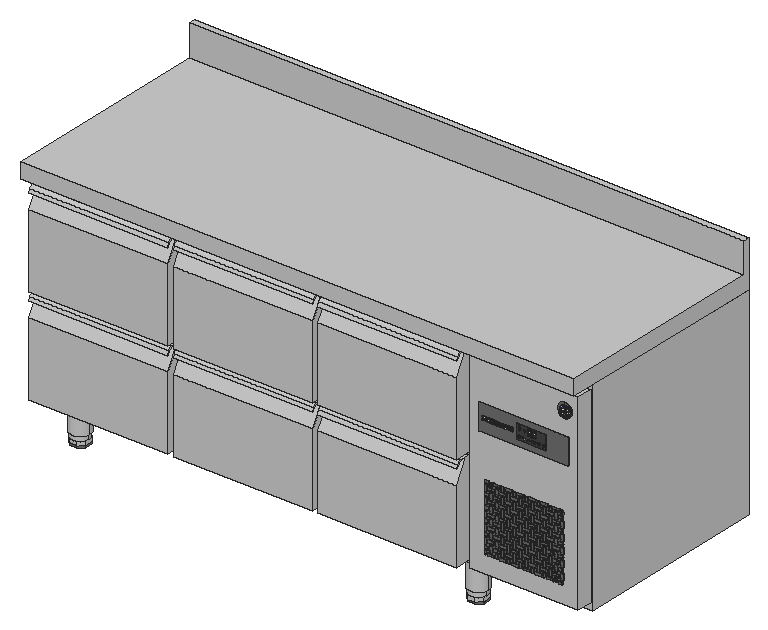
Revit family "QF_HOSHIZAKI_889020834", category Specialty Equipment, Revit 2016
Family settings
  Part Type = Normal
  Round Connector Dimension = Use Diameter
  OmniClass Number = 23.40.40.14
  OmniClass Title = Food Service Equipment
  Work Plane-Based = No
  Always vertical = Yes
  Cut with Voids When Loaded = No
  Shared = No
  Room Calculation Point = No
Parameters (values of type "889020834_230V/1Ph/50Hz")
  Weight = 128.00 kg
  Volts = 230 V
  URL Cutsheet = ""
  URL = "www.hoshizaki-europe.com"
  Status [instance] = ""
  Specification by User [instance] = ""
  Specification by Manufacturer [instance] = ""
  Serial Number = ""
  Seismic Rating = ""
  SMACNA No = ""
  Revision Code [instance] = ""
  Phase = 1
  Number of Poles = 2
  NAFEM Spec ID Number = ""
  Model = "ACR-180DG-222-CRS-L2"
  Min Ckt Ampacity = 0 A
  Max Overcurrent Protection = 0 A
  Masterspec = ""
  Manufacturer = "HOSHIZAKI"
  Length Actual = 1780 mm
  Item Number [instance] = ""
  Installed By [instance] = ""
  Identify Quantity as Lot [instance] = no
  Height Actual = 900 mm
  HP power = ""
  Furnished By [instance] = ""
  Foodservice Equipment Identifier [instance] = yes
  FL Amps = 1.3 A
  Electric power = 190 W
  Electric Connection Type [instance] = ""
  Elec Conn RI Height [instance] = 0 mm
  Elec Conn Connection Height [instance] = 300 mm
  Description = "ADVANCE 3-SECTION 1/1 GN REFRIGERATED COUNTER WITH 3 DRAWER SECTIONS EACH WITH 2 X 1/2 DRAWERS AND A WORKTOP WITH 100 MM SPLASHBACK"
  Depth Actual = 700 mm
  Cycle = 50 Hz
  Cost = 0
  Conn Plug = ""
  Conn Conduit = no
  CSI MasterFormat = ""
  Assembly Code = "E1090320"
  Apparent Power = 190 VA
  Accessory = no
Reference planes
  plane 1 "Center (Front/Back)": y = 0
  plane 2: z = 0
  plane 3 "Center (Left/Right)": x = 0
Forms (mm)
  Extrusion 1, solid, not visible
    sketch origin (1499, -17, 449) x (1, 0, 0) y (0, 1, 0)
      loop
        line (0, 0) -> (2, 0) -> (2, 2) -> (0, 2) -> (0, 0)
    from 0 to 2
Dimensions and locks
  aligned and locked: level to plane 2
Nested families
  nested 1: "QF_HOSHIZAKI_889020834_230V_1Ph_50Hz" at (0, 0, 150), type "889020834_230V/1Ph/50Hz"
    with Show Logo yes, Length Actual 1780 mm, Height Actual 650 mm, Depth Actual 700 mm, Compressor offset 1424 mm, Compressor location 1
  nested 2: "QF_HOSHIZAKI_ADVANCE_REF-COUNTER-WORKTOPS" at (0, 0, 800), type "760660002-1"
    with Worktop thickness 50 mm, Length Actual 1780 mm, Depth Actual 700 mm, Backsplash thickness 20 mm, Backsplash height 100 mm
  nested 3: "QF_HOSHIZAKI_ADVANCE_REF-COUNTER-DOORS-DRAWERS" at (22, -700, 150), type "760660483-1"
    with Weight 0.00 kg, URL Cutsheet "", Status "", Specification by User "", Specification by Manufacturer "", Serial Number "", Seismic Rating "", Section size 446 mm, Section 3, SMACNA No "", Right hand hinged glass door no, Right hand hinged door no, Revision Code "", NAFEM Spec ID Number "", Masterspec "", Length Actual 0 mm, Left hand hinged glass door no, Left hand hinged door no, Item Number "", Installed By "", Identify Quantity as Lot no, Height Actual 0 mm, Furnished By "", Foodservice Equipment Identifier no, Depth Actual 0 mm, CSI MasterFormat "", Accessory yes, 3 Drawers no, 2 Drawers 1-3 and 2-3 no, 2 Drawers yes
  nested 4: "QF_HOSHIZAKI_ADVANCE_REF-COUNTER-DOORS-DRAWERS" at (488, -700, 150), type "760660483-1"
    with Weight 0.00 kg, URL Cutsheet "", Status "", Specification by User "", Specification by Manufacturer "", Serial Number "", Seismic Rating "", Section size 446 mm, Section 3, SMACNA No "", Right hand hinged glass door no, Right hand hinged door no, Revision Code "", NAFEM Spec ID Number "", Masterspec "", Length Actual 0 mm, Left hand hinged glass door no, Left hand hinged door no, Item Number "", Installed By "", Identify Quantity as Lot no, Height Actual 0 mm, Furnished By "", Foodservice Equipment Identifier no, Depth Actual 0 mm, CSI MasterFormat "", Accessory yes, 3 Drawers no, 2 Drawers 1-3 and 2-3 no, 2 Drawers yes
  nested 5: "QF_HOSHIZAKI_ADVANCE_REF-COUNTER-DOORS-DRAWERS" at (952, -700, 150), type "760660483-1"
    with Weight 0.00 kg, URL Cutsheet "", Status "", Specification by User "", Specification by Manufacturer "", Serial Number "", Seismic Rating "", Section size 446 mm, Section 3, SMACNA No "", Right hand hinged glass door no, Right hand hinged door no, Revision Code "", NAFEM Spec ID Number "", Masterspec "", Length Actual 0 mm, Left hand hinged glass door no, Left hand hinged door no, Item Number "", Installed By "", Identify Quantity as Lot no, Height Actual 0 mm, Furnished By "", Foodservice Equipment Identifier no, Depth Actual 0 mm, CSI MasterFormat "", Accessory yes, 3 Drawers no, 2 Drawers 1-3 and 2-3 no, 2 Drawers yes
  nested 6: "QF_HOSHIZAKI_ADVANCE_REF-COUNTER-LEGS" at (0, 0, 0), type "760660118-6"
    with Weight 0.00 kg, URL Cutsheet "", Status "", Specification by User "", Specification by Manufacturer "", Serial Number "", Seismic Rating "", SMACNA No "", Revision Code "", NAFEM Spec ID Number "", Masterspec "", Length Actual 1780 mm, Legs inset right 430 mm, Legs inset rear 70 mm, Legs inset left 70 mm, Legs inset front 153 mm, Item Number "", Installed By "", Identify Quantity as Lot no, Height Actual 150 mm, Furnished By "", Foodservice Equipment Identifier no, Depth Actual 700 mm, Central Legs no, CSI MasterFormat "", Accessory yes
Connectors
  electrical at (1500, -15, 450), driven by "Apparent Power", driven by "Number of Poles", driven by "Volts"
    settings: on Extrusion 1, index 1, voltage 230 V, apparent load 0 VA, apparent load phase1 190 VA, apparent load phase2 0 VA, apparent load phase3 0 VA, power factor 1, load classification "Other", number of poles 2, system type 31, power factor state 1, is connector primary yes, connector utility no, sub classification motor no, connector description "Electric connection for '889020834'"
Definition of nested family "QF_HOSHIZAKI_889020834_230V_1Ph_50Hz"
  Parameters (values of type "889020834_230V/1Ph/50Hz")
    URL = "www.hoshizaki-europe.com"
    Show Logo [instance] = yes
    Model = "ACR-180DG-222-CRS-L2"
    Manufacturer = "HOSHIZAKI"
    Length Actual [instance] = 1780 mm
    Height Actual [instance] = 650 mm
    Description = "ADVANCE 3-SECTION 1/1 GN REFRIGERATED COUNTER WITH 3 DRAWER SECTIONS EACH WITH 2 X 1/2 DRAWERS AND A WORKTOP WITH 100 MM SPLASHBACK"
    Depth Actual [instance] = 700 mm
    Compressor offset [instance] = if(Compressor location = 1, Length Actual - 356 mm, if(Compressor location = 2, 7 mm, Length Actual - 356 mm))  # 1424 mm
    Compressor location [instance] = 1
    Author = "SPECIFI"
    Assembly Code = "E1090320"
  Types (60, lengths in mm): name | Model | Length Actual | Description | Compressor offset
    889000840 | "ACR-130DG-LR-RRC-L1" | 1314 | "ADVANCE 2-SECTION 1/1 GN REFRIGERATED COUNTER WITH 2 DOORS AND A FLAT WORKTOP" | 958
    889000848 | "ACR-130DG-22-RRC-L1" | 1314 | "ADVANCE 2-SECTION 1/1 GN REFRIGERATED COUNTER WITH 2 DRAWER SECTIONS EACH WITH 2 X 1/2 DRAWERS AND A FLAT WORKTOP" | 958
    889000856 | "ACR-130DG-32-RRC-L1" | 1314 | "ADVANCE 2-SECTION 1/1 GN REFRIGERATED COUNTER WITH 1 DRAWER SECTION WITH 3 X 1/3 DRAWERS, 1 DRAWER SECTION WITH 2 X 1/2 DRAWERS AND A FLAT WORKTOP" | 958
    889000844 | "ACR-130DG-LR-RRS-L1" | 1314 | "ADVANCE 2-SECTION 1/1 GN REFRIGERATED COUNTER WITH 2 DOORS AND A WORKTOP WITH 100 MM SPLASHBACK" | 958
    889000852 | "ACR-130DG-22-RRS-L1" | 1314 | "ADVANCE 2-SECTION 1/1 GN REFRIGERATED COUNTER WITH 2 DRAWER SECTIONS EACH WITH 2 X 1/2 DRAWERS AND A WORKTOP WITH 100 MM SPLASHBACK" | 958
    889000861 | "ACR-130DG-LR-RRC-C1-U" | 1314 | "ADVANCE 2-SECTION 1/1 GN REFRIGERATED COUNTER WITH 2 DOORS AND A FLAT WORKTOP" | 958
    889000869 | "ACR-130DG-22-RRC-C1-U" | 1314 | "ADVANCE 2-SECTION 1/1 GN REFRIGERATED COUNTER WITH 2 DRAWER SECTIONS EACH WITH 2 X 1/2 DRAWERS AND A FLAT WORKTOP" | 958
    889000877 | "ACR-130DG-32-RRC-C1-U" | 1314 | "ADVANCE 2-SECTION 1/1 GN REFRIGERATED COUNTER WITH 1 DRAWER SECTION WITH 3 X 1/3 DRAWERS, 1 DRAWER SECTION WITH 2 X 1/2 DRAWERS AND A FLAT WORKTOP" | 958
    889000865 | "ACR-130DG-LR-RRS-C1-U" | 1314 | "ADVANCE 2-SECTION 1/1 GN REFRIGERATED COUNTER WITH 2 DOORS AND A WORKTOP WITH 100 MM SPLASHBACK" | 958
    889000873 | "ACR-130DG-22-RRS-C1-U" | 1314 | "ADVANCE 2-SECTION 1/1 GN REFRIGERATED COUNTER WITH 2 DRAWER SECTIONS EACH WITH 2 X 1/2 DRAWERS AND A WORKTOP WITH 100 MM SPLASHBACK" | 958
    889000842 | "ACR-130DG-LR-RRC-L2" | 1314 | "ADVANCE 2-SECTION 1/1 GN REFRIGERATED COUNTER WITH 2 DOORS AND A FLAT WORKTOP" | 958
    889000850 | "ACR-130DG-22-RRC-L2" | 1314 | "ADVANCE 2-SECTION 1/1 GN REFRIGERATED COUNTER WITH 2 DRAWER SECTIONS EACH WITH 2 X 1/2 DRAWERS AND A FLAT WORKTOP" | 958
    889000858 | "ACR-130DG-32-RRC-L2" | 1314 | "ADVANCE 2-SECTION 1/1 GN REFRIGERATED COUNTER WITH 1 DRAWER SECTION WITH 3 X 1/3 DRAWERS, 1 DRAWER SECTION WITH 2 X 1/2 DRAWERS AND A FLAT WORKTOP" | 958
    889000846 | "ACR-130DG-LR-RRS-L2" | 1314 | "ADVANCE 2-SECTION 1/1 GN REFRIGERATED COUNTER WITH 2 DOORS AND A WORKTOP WITH 100 MM SPLASHBACK" | 958
    889000854 | "ACR-130DG-22-RRS-L2" | 1314 | "ADVANCE 2-SECTION 1/1 GN REFRIGERATED COUNTER WITH 2 DRAWER SECTIONS EACH WITH 2 X 1/2 DRAWERS AND A WORKTOP WITH 100 MM SPLASHBACK" | 958
    889000822 | "ACR-130DG-LR-CRC-L2" | 1314 | "ADVANCE 2-SECTION 1/1 GN REFRIGERATED COUNTER WITH 2 DOORS AND A FLAT WORKTOP" | 958
    889000830 | "ACR-130DG-22-CRC-L2" | 1314 | "ADVANCE 2-SECTION 1/1 GN REFRIGERATED COUNTER WITH 2 DRAWER SECTIONS EACH WITH 2 X 1/2 DRAWERS AND A FLAT WORKTOP" | 958
    889000838 | "ACR-130DG-32-CRC-L2" | 1314 | "ADVANCE 2-SECTION 1/1 GN REFRIGERATED COUNTER WITH 1 DRAWER SECTION WITH 3 X 1/3 DRAWERS, 1 DRAWER SECTION WITH 2 X 1/2 DRAWERS AND A FLAT WORKTOP" | 958
    889000826 | "ACR-130DG-LR-CRS-L2" | 1314 | "ADVANCE 2-SECTION 1/1 GN REFRIGERATED COUNTER WITH 2 DOORS AND A WORKTOP WITH 100 MM SPLASHBACK" | 958
    889000834 | "ACR-130DG-22-CRS-L2" | 1314 | "ADVANCE 2-SECTION 1/1 GN REFRIGERATED COUNTER WITH 2 DRAWER SECTIONS EACH WITH 2 X 1/2 DRAWERS AND A WORKTOP WITH 100 MM SPLASHBACK" | 958
    889020840 | "ACR-180DG-LRR-RRC-L1" | 1780 | "ADVANCE 3-SECTION 1/1 GN REFRIGERATED COUNTER WITH 3 DOORS AND A FLAT WORKTOP" | 1424
    889020848 | "ACR-180DG-222-RRC-L1" | 1780 | "ADVANCE 3-SECTION 1/1 GN REFRIGERATED COUNTER WITH 3 DRAWER SECTIONS EACH WITH 2 X 1/2 DRAWERS AND A FLAT WORKTOP" | 1424
    889020856 | "ACR-180DG-332-RRC-L1" | 1780 | "ADVANCE 3-SECTION 1/1 GN REFRIGERATED COUNTER WITH 2 DRAWER SECTIONS EACH WITH 3 X 1/3 DRAWERS, 1 DRAWER SECTION WITH 2 X 1/2 DRAWERS AND A FLAT WORKTOP" | 1424
    889020844 | "ACR-180DG-LRR-RRS-L1" | 1780 | "ADVANCE 3-SECTION 1/1 GN REFRIGERATED COUNTER WITH 3 DOORS AND A WORKTOP WITH 100 MM SPLASHBACK" | 1424
    889020852 | "ACR-180DG-222-RRS-L1" | 1780 | "ADVANCE 3-SECTION 1/1 GN REFRIGERATED COUNTER WITH 3 DRAWER SECTIONS EACH WITH 2 X 1/2 DRAWERS AND A WORKTOP WITH 100 MM SPLASHBACK" | 1424
    889020861 | "ACR-180DG-LRR-RRC-C1-U" | 1780 | "ADVANCE 3-SECTION 1/1 GN REFRIGERATED COUNTER WITH 3 DOORS AND A FLAT WORKTOP" | 1424
    889020869 | "ACR-180DG-222-RRC-C1-U" | 1780 | "ADVANCE 3-SECTION 1/1 GN REFRIGERATED COUNTER WITH 3 DRAWER SECTIONS EACH WITH 2 X 1/2 DRAWERS AND A FLAT WORKTOP" | 1424
    889020877 | "ACR-180DG-332-RRC-C1-U" | 1780 | "ADVANCE 3-SECTION 1/1 GN REFRIGERATED COUNTER WITH 2 DRAWER SECTIONS EACH WITH 3 X 1/3 DRAWERS, 1 DRAWER SECTION WITH 2 X 1/2 DRAWERS AND A FLAT WORKTOP" | 1424
    889020865 | "ACR-180DG-LRR-RRS-C1-U" | 1780 | "ADVANCE 3-SECTION 1/1 GN REFRIGERATED COUNTER WITH 3 DOORS AND A WORKTOP WITH 100 MM SPLASHBACK" | 1424
    889020873 | "ACR-180DG-222-RRS-C1-U" | 1780 | "ADVANCE 3-SECTION 1/1 GN REFRIGERATED COUNTER WITH 3 DRAWER SECTIONS EACH WITH 2 X 1/2 DRAWERS AND A WORKTOP WITH 100 MM SPLASHBACK" | 1424
    889020842 | "ACR-180DG-LRR-RRC-L2" | 1780 | "ADVANCE 3-SECTION 1/1 GN REFRIGERATED COUNTER WITH 3 DOORS AND A FLAT WORKTOP" | 1424
    889020850 | "ACR-180DG-222-RRC-L2" | 1780 | "ADVANCE 3-SECTION 1/1 GN REFRIGERATED COUNTER WITH 3 DRAWER SECTIONS EACH WITH 2 X 1/2 DRAWERS AND A FLAT WORKTOP" | 1424
    889020858 | "ACR-180DG-332-RRC-L2" | 1780 | "ADVANCE 3-SECTION 1/1 GN REFRIGERATED COUNTER WITH 2 DRAWER SECTIONS EACH WITH 3 X 1/3 DRAWERS, 1 DRAWER SECTION WITH 2 X 1/2 DRAWERS AND A FLAT WORKTOP" | 1424
    889020846 | "ACR-180DG-LRR-RRS-L2" | 1780 | "ADVANCE 3-SECTION 1/1 GN REFRIGERATED COUNTER WITH 3 DOORS AND A WORKTOP WITH 100 MM SPLASHBACK" | 1424
    889020854 | "ACR-180DG-222-RRS-L2" | 1780 | "ADVANCE 3-SECTION 1/1 GN REFRIGERATED COUNTER WITH 3 DRAWER SECTIONS EACH WITH 2 X 1/2 DRAWERS AND A WORKTOP WITH 100 MM SPLASHBACK" | 1424
    889020823 | "ACR-180DG-LRR-CRC-L2" | 1780 | "ADVANCE 3-SECTION 1/1 GN REFRIGERATED COUNTER WITH 3 DOORS AND A FLAT WORKTOP" | 1424
    889020830 | "ACR-180DG-222-CRC-L2" | 1780 | "ADVANCE 3-SECTION 1/1 GN REFRIGERATED COUNTER WITH 3 DRAWER SECTIONS EACH WITH 2 X 1/2 DRAWERS AND A FLAT WORKTOP" | 1424
    889020838 | "ACR-180DG-332-CRC-L2" | 1780 | "ADVANCE 3-SECTION 1/1 GN REFRIGERATED COUNTER WITH 2 DRAWER SECTIONS EACH WITH 3 X 1/3 DRAWERS, 1 DRAWER SECTION WITH 2 X 1/2 DRAWERS AND A FLAT WORKTOP" | 1424
    889020827 | "ACR-180DG-LRR-CRS-L2" | 1780 | "ADVANCE 3-SECTION 1/1 GN REFRIGERATED COUNTER WITH 3 DOORS AND A WORKTOP WITH 100 MM SPLASHBACK" | 1424
    889020834_230V/1Ph/50Hz | "ACR-180DG-222-CRS-L2" | 1780 | "ADVANCE 3-SECTION 1/1 GN REFRIGERATED COUNTER WITH 3 DRAWER SECTIONS EACH WITH 2 X 1/2 DRAWERS AND A WORKTOP WITH 100 MM SPLASHBACK" | 1424
    889040840 | "ACR-225DG-LLRR-RRC-L1" | 2246 | "ADVANCE 4-SECTION 1/1 GN REFRIGERATED COUNTER WITH 4 DOORS AND A FLAT WORKTOP" | 1890
    889040848 | "ACR-225DG-2222-RRC-L1" | 2246 | "ADVANCE 4-SECTION 1/1 GN REFRIGERATED COUNTER WITH 4 DRAWER SECTIONS EACH WITH 2 X 1/2 DRAWERS AND A FLAT WORKTOP" | 1890
    889040856 | "ACR-225DG-3332-RRC-L1" | 2246 | "ADVANCE 4-SECTION 1/1 GN REFRIGERATED COUNTER WITH 3 DRAWER SECTIONS EACH WITH 3 X 1/3 DRAWERS, 1 DRAWER SECTION WITH 2 X 1/2 DRAWERS AND A FLAT WORKTOP" | 1890
    889040844 | "ACR-225DG-LLRR-RRS-L1" | 2246 | "ADVANCE 4-SECTION 1/1 GN REFRIGERATED COUNTER WITH 4 DOORS AND A WORKTOP WITH 100 MM SPLASHBACK" | 1890
    889040852 | "ACR-225DG-2222-RRS-L1" | 2246 | "ADVANCE 4-SECTION 1/1 GN REFRIGERATED COUNTER WITH 4 DRAWER SECTIONS EACH WITH 2 X 1/2 DRAWERS AND A WORKTOP WITH 100 MM SPLASHBACK" | 1890
    889040861 | "ACR-225DG-LLRR-RRC-C1-U" | 2246 | "ADVANCE 4-SECTION 1/1 GN REFRIGERATED COUNTER WITH 4 DOORS AND A FLAT WORKTOP" | 1890
    889040869 | "ACR-225DG-2222-RRC-C1-U" | 2246 | "ADVANCE 4-SECTION 1/1 GN REFRIGERATED COUNTER WITH 4 DRAWER SECTIONS EACH WITH 2 X 1/2 DRAWERS AND A FLAT WORKTOP" | 1890
    889040877 | "ACR-225DG-3332-RRC-C1-U" | 2246 | "ADVANCE 4-SECTION 1/1 GN REFRIGERATED COUNTER WITH 3 DRAWER SECTIONS EACH WITH 3 X 1/3 DRAWERS, 1 DRAWER SECTION WITH 2 X 1/2 DRAWERS AND A FLAT WORKTOP" | 1890
    889040865 | "ACR-225DG-LLRR-RRS-C1-U" | 2246 | "ADVANCE 4-SECTION 1/1 GN REFRIGERATED COUNTER WITH 4 DOORS AND A WORKTOP WITH 100 MM SPLASHBACK" | 1890
    889040873 | "ACR-225DG-2222-RRS-C1-U" | 2246 | "ADVANCE 4-SECTION 1/1 GN REFRIGERATED COUNTER WITH 4 DRAWER SECTIONS EACH WITH 2 X 1/2 DRAWERS AND A WORKTOP WITH 100 MM SPLASHBACK" | 1890
    889040842 | "ACR-225DG-LLRR-RRC-L2" | 2246 | "ADVANCE 4-SECTION 1/1 GN REFRIGERATED COUNTER WITH 4 DOORS AND A FLAT WORKTOP" | 1890
    889040850 | "ACR-225DG-2222-RRC-L2" | 2246 | "ADVANCE 4-SECTION 1/1 GN REFRIGERATED COUNTER WITH 4 DRAWER SECTIONS EACH WITH 2 X 1/2 DRAWERS AND A FLAT WORKTOP" | 1890
    889040858 | "ACR-225DG-3332-RRC-L2" | 2246 | "ADVANCE 4-SECTION 1/1 GN REFRIGERATED COUNTER WITH 3 DRAWER SECTIONS EACH WITH 3 X 1/3 DRAWERS, 1 DRAWER SECTION WITH 2 X 1/2 DRAWERS AND A FLAT WORKTOP" | 1890
    889040846 | "ACR-225DG-LLRR-RRS-L2" | 2246 | "ADVANCE 4-SECTION 1/1 GN REFRIGERATED COUNTER WITH 4 DOORS AND A WORKTOP WITH 100 MM SPLASHBACK" | 1890
    889040854 | "ACR-225DG-2222-RRS-L2" | 2246 | "ADVANCE 4-SECTION 1/1 GN REFRIGERATED COUNTER WITH 4 DRAWER SECTIONS EACH WITH 2 X 1/2 DRAWERS AND A WORKTOP WITH 100 MM SPLASHBACK" | 1890
    889040822 | "ACR-225DG-LLRR-CRC-L2" | 2246 | "ADVANCE 4-SECTION 1/1 GN REFRIGERATED COUNTER WITH 4 DOORS AND A FLAT WORKTOP" | 1890
    889040830 | "ACR-225DG-2222-CRC-L2" | 2246 | "ADVANCE 4-SECTION 1/1 GN REFRIGERATED COUNTER WITH 4 DRAWER SECTIONS EACH WITH 2 X 1/2 DRAWERS AND A FLAT WORKTOP" | 1890
    889040838 | "ACR-225DG-3332-CRC-L2" | 2246 | "ADVANCE 4-SECTION 1/1 GN REFRIGERATED COUNTER WITH 3 DRAWER SECTIONS EACH WITH 3 X 1/3 DRAWERS, 1 DRAWER SECTION WITH 2 X 1/2 DRAWERS AND A FLAT WORKTOP" | 1890
    889040826 | "ACR-225DG-LLRR-CRS-L2" | 2246 | "ADVANCE 4-SECTION 1/1 GN REFRIGERATED COUNTER WITH 4 DOORS AND A WORKTOP WITH 100 MM SPLASHBACK" | 1890
    889040834 | "ACR-225DG-2222-CRS-L2" | 2246 | "ADVANCE 4-SECTION 1/1 GN REFRIGERATED COUNTER WITH 4 DRAWER SECTIONS EACH WITH 2 X 1/2 DRAWERS AND A WORKTOP WITH 100 MM SPLASHBACK" | 1890
  Reference planes
    plane 1 "Back": y = 0
    plane 2: z = 0
    plane 3 "Left": x = 0
    plane 4 "Right": x = 1780
    plane 5 "Front": y = -700
    plane 6 "Top": z = 650
    plane 7 "Front legs": y = -624.512
    plane 8 "Compressor dimension": x = 1780
    plane 9 "Compressor offset": x = 1424
  Forms (mm)
    Extrusion 1, solid
      sketch origin (0, 0, 0) x (0, 1, 0) y (0, 0, 1)
        loop
          line (0, 650) -> (-624.512, 650) -> (-624.512, 0) -> (0, 0) -> (0, 650)
      from 0 to 1780
    Extrusion 2, solid
      sketch origin (1424, 0, 0) x (0, -1, 0) y (0, 0, 1)
        loop
          line (624.512, 634) -> (624.512, 20) -> (674.54, 20) -> (674.54, 634) -> (624.512, 634)
      from 0 to -349
  Lines and regions (mm)
    symbolic lines
      curve 1: line (0, 0, 650) -> (1780, 0, 650)
      curve 2: line (0, -700, 650) -> (0, 0, 650)
      curve 3: line (1780, -700, 650) -> (0, -700, 650)
      curve 4: line (1780, 0, 650) -> (1780, -700, 650)
  Dimensions and locks
    "Length Actual": plane 3 "Left" to plane 4 "Right"
    "Depth Actual": plane 5 "Front" to plane 1 "Back"
    plane 7 "Front legs" to plane 5 "Front" = 75.488 mm
    "Compressor offset": plane 3 "Left" to plane 9 "Compressor offset"
    locked: plane 9 "Compressor offset" to plane 8 "Compressor dimension" at 356
    plane 6 "Top" to level = 650 mm
    aligned and locked: level to plane 2
    aligned and locked: plane 1 "Back" to Extrusion 1 sketch curve
    aligned and locked: plane 7 "Front legs" to Extrusion 1 sketch curve
    aligned and locked: Extrusion 1 to plane 4 "Right"
    aligned and locked: plane 7 "Front legs" to Extrusion 2 sketch curve
    aligned and locked: nested 1 to plane 5 "Front"
    aligned and locked: nested 1 to plane 9 "Compressor offset"
    aligned and locked: Extrusion 1 sketch curve to plane 6 "Top"
    aligned and locked: plane 2 to Extrusion 1 sketch curve
    aligned and locked: plane 1 "Back" to curve 1
    aligned and locked: plane 5 "Front" to curve 3
    aligned and locked: plane 4 "Right" to curve 4
    aligned and locked: plane 3 "Left" to curve 2
  Automatic sketch dimensions
    plane 5 "Front" to Extrusion 2 sketch curve = 25.46 mm
    level to Extrusion 2 sketch curve = 20 mm
    Extrusion 2 sketch curve to plane 6 "Top" = 16 mm
  Nested families
    nested 1: "Control-panel" at (1424, -700, 0), Show Logo <- "Show Logo", type "Control-panel"
      with Show Logo yes
  Definition of nested family "Control-panel"
    Parameters (values of type "Control-panel")
      Show Logo [instance] = yes
    Reference planes
      plane 1 "Center (Front/Back)": y = 0
      plane 2: z = 0
      plane 3 "Center (Left/Right)": x = 0
      plane 4: z = 650
    Forms (mm)
      Extrusion 1, solid
        sketch origin (-3653, 19.5, -135) x (-1, 0, 0) y (0, 0, 1)
          loop
            arc (-3941, 426) -> (-3944.5, 422.5) -> (-3941, 419) r 3.5
            line (-3941, 419) -> (-3923, 419)
            arc (-3923, 419) -> (-3919.5, 422.5) -> (-3923, 426) r 3.5
            line (-3923, 426) -> (-3941, 426)
          loop
            arc (-3903, 426) -> (-3906.5, 422.5) -> (-3903, 419) r 3.5
            line (-3903, 419) -> (-3885, 419)
            arc (-3885, 419) -> (-3881.5, 422.5) -> (-3885, 426) r 3.5
            line (-3885, 426) -> (-3903, 426)
          loop
            arc (-3865, 426) -> (-3868.5, 422.5) -> (-3865, 419) r 3.5
            line (-3865, 419) -> (-3847, 419)
            arc (-3847, 419) -> (-3843.5, 422.5) -> (-3847, 426) r 3.5
            line (-3847, 426) -> (-3865, 426)
          loop
            arc (-3827, 426) -> (-3830.5, 422.5) -> (-3827, 419) r 3.5
            line (-3827, 419) -> (-3809, 419)
            arc (-3809, 419) -> (-3805.5, 422.5) -> (-3809, 426) r 3.5
            line (-3809, 426) -> (-3827, 426)
          loop
            arc (-3789, 426) -> (-3792.5, 422.5) -> (-3789, 419) r 3.5
            line (-3789, 419) -> (-3771, 419)
            arc (-3771, 419) -> (-3767.5, 422.5) -> (-3771, 426) r 3.5
            line (-3771, 426) -> (-3789, 426)
          loop
            arc (-3751, 426) -> (-3754.5, 422.5) -> (-3751, 419) r 3.5
            line (-3751, 419) -> (-3733, 419)
            arc (-3733, 419) -> (-3729.5, 422.5) -> (-3733, 426) r 3.5
            line (-3733, 426) -> (-3751, 426)
          loop
            arc (-3713, 426) -> (-3716.5, 422.5) -> (-3713, 419) r 3.5
            line (-3713, 419) -> (-3704, 419)
            arc (-3704, 419) -> (-3700.5, 422.5) -> (-3704, 426) r 3.5
            line (-3704, 426) -> (-3713, 426)
          loop
            arc (-3948, 422) -> (-3951, 425) -> (-3954, 422) r 3
            line (-3954, 422) -> (-3954, 413)
            arc (-3954, 413) -> (-3951, 410) -> (-3948, 413) r 3
            line (-3948, 413) -> (-3948, 422)
          loop
            line (-3938.025, 416.51) -> (-3945.025, 416.51) -> (-3945.025, 409.51) -> (-3938.025, 409.51) -> (-3938.025, 416.51)
          loop
            line (-3919.025, 416.51) -> (-3926.025, 416.51) -> (-3926.025, 409.51) -> (-3919.025, 409.51) -> (-3919.025, 416.51)
          loop
            arc (-3910, 422) -> (-3913, 425) -> (-3916, 422) r 3
            line (-3916, 422) -> (-3916, 413)
            arc (-3916, 413) -> (-3913, 410) -> (-3910, 413) r 3
            line (-3910, 413) -> (-3910, 422)
          loop
            line (-3900.025, 416.51) -> (-3907.025, 416.51) -> (-3907.025, 409.51) -> (-3900.025, 409.51) -> (-3900.025, 416.51)
          loop
            line (-3881.025, 416.51) -> (-3888.025, 416.51) -> (-3888.025, 409.51) -> (-3881.025, 409.51) -> (-3881.025, 416.51)
          loop
            arc (-3872, 422) -> (-3875, 425) -> (-3878, 422) r 3
            line (-3878, 422) -> (-3878, 413)
            arc (-3878, 413) -> (-3875, 410) -> (-3872, 413) r 3
            line (-3872, 413) -> (-3872, 422)
          loop
            line (-3862.025, 416.51) -> (-3869.025, 416.51) -> (-3869.025, 409.51) -> (-3862.025, 409.51) -> (-3862.025, 416.51)
          loop
            line (-3843.025, 416.51) -> (-3850.025, 416.51) -> (-3850.025, 409.51) -> (-3843.025, 409.51) -> (-3843.025, 416.51)
          loop
            arc (-3834, 422) -> (-3837, 425) -> (-3840, 422) r 3
            line (-3840, 422) -> (-3840, 413)
            arc (-3840, 413) -> (-3837, 410) -> (-3834, 413) r 3
            line (-3834, 413) -> (-3834, 422)
          loop
            line (-3824.025, 416.51) -> (-3831.025, 416.51) -> (-3831.025, 409.51) -> (-3824.025, 409.51) -> (-3824.025, 416.51)
          loop
            line (-3805.025, 416.51) -> (-3812.025, 416.51) -> (-3812.025, 409.51) -> (-3805.025, 409.51) -> (-3805.025, 416.51)
          loop
            arc (-3796, 422) -> (-3799, 425) -> (-3802, 422) r 3
            line (-3802, 422) -> (-3802, 413)
            arc (-3802, 413) -> (-3799, 410) -> (-3796, 413) r 3
            line (-3796, 413) -> (-3796, 422)
          loop
            line (-3786.025, 416.51) -> (-3793.025, 416.51) -> (-3793.025, 409.51) -> (-3786.025, 409.51) -> (-3786.025, 416.51)
          loop
            line (-3767.025, 416.51) -> (-3774.025, 416.51) -> (-3774.025, 409.51) -> (-3767.025, 409.51) -> (-3767.025, 416.51)
          loop
            arc (-3758, 422) -> (-3761, 425) -> (-3764, 422) r 3
            line (-3764, 422) -> (-3764, 413)
            arc (-3764, 413) -> (-3761, 410) -> (-3758, 413) r 3
            line (-3758, 413) -> (-3758, 422)
          loop
            line (-3748.025, 416.51) -> (-3755.025, 416.51) -> (-3755.025, 409.51) -> (-3748.025, 409.51) -> (-3748.025, 416.51)
          loop
            line (-3729.025, 416.51) -> (-3736.025, 416.51) -> (-3736.025, 409.51) -> (-3729.025, 409.51) -> (-3729.025, 416.51)
          loop
            arc (-3720, 422) -> (-3723, 425) -> (-3726, 422) r 3
            line (-3726, 422) -> (-3726, 413)
            arc (-3726, 413) -> (-3723, 410) -> (-3720, 413) r 3
            line (-3720, 413) -> (-3720, 422)
          loop
            line (-3710.025, 416.51) -> (-3717.025, 416.51) -> (-3717.025, 409.51) -> (-3710.025, 409.51) -> (-3710.025, 416.51)
          loop
            line (-3935.5, 412.5) -> (-3935.5, 394.5)
            arc (-3935.5, 394.5) -> (-3932, 391) -> (-3928.5, 394.5) r 3.5
            line (-3928.5, 394.5) -> (-3928.5, 412.5)
            arc (-3928.5, 412.5) -> (-3932, 416) -> (-3935.5, 412.5) r 3.5
          loop
            line (-3897.5, 412.5) -> (-3897.5, 394.5)
            arc (-3897.5, 394.5) -> (-3894, 391) -> (-3890.5, 394.5) r 3.5
            line (-3890.5, 394.5) -> (-3890.5, 412.5)
            arc (-3890.5, 412.5) -> (-3894, 416) -> (-3897.5, 412.5) r 3.5
          loop
            line (-3859.5, 412.5) -> (-3859.5, 394.5)
            arc (-3859.5, 394.5) -> (-3856, 391) -> (-3852.5, 394.5) r 3.5
            line (-3852.5, 394.5) -> (-3852.5, 412.5)
            arc (-3852.5, 412.5) -> (-3856, 416) -> (-3859.5, 412.5) r 3.5
          loop
            line (-3821.5, 412.5) -> (-3821.5, 394.5)
            arc (-3821.5, 394.5) -> (-3818, 391) -> (-3814.5, 394.5) r 3.5
            line (-3814.5, 394.5) -> (-3814.5, 412.5)
            arc (-3814.5, 412.5) -> (-3818, 416) -> (-3821.5, 412.5) r 3.5
          loop
            line (-3783.5, 412.5) -> (-3783.5, 394.5)
            arc (-3783.5, 394.5) -> (-3780, 391) -> (-3776.5, 394.5) r 3.5
            line (-3776.5, 394.5) -> (-3776.5, 412.5)
            arc (-3776.5, 412.5) -> (-3780, 416) -> (-3783.5, 412.5) r 3.5
          loop
            line (-3745.5, 412.5) -> (-3745.5, 394.5)
            arc (-3745.5, 394.5) -> (-3742, 391) -> (-3738.5, 394.5) r 3.5
            line (-3738.5, 394.5) -> (-3738.5, 412.5)
            arc (-3738.5, 412.5) -> (-3742, 416) -> (-3745.5, 412.5) r 3.5
          loop
            line (-3707.5, 412.5) -> (-3707.5, 394.5)
            arc (-3707.5, 394.5) -> (-3704, 391) -> (-3700.5, 394.5) r 3.5
            line (-3700.5, 394.5) -> (-3700.5, 412.5)
            arc (-3700.5, 412.5) -> (-3704, 416) -> (-3707.5, 412.5) r 3.5
          loop
            arc (-3922, 407) -> (-3925.5, 403.5) -> (-3922, 400) r 3.5
            line (-3922, 400) -> (-3904, 400)
            arc (-3904, 400) -> (-3900.5, 403.5) -> (-3904, 407) r 3.5
            line (-3904, 407) -> (-3922, 407)
          loop
            arc (-3884, 407) -> (-3887.5, 403.5) -> (-3884, 400) r 3.5
            line (-3884, 400) -> (-3866, 400)
            arc (-3866, 400) -> (-3862.5, 403.5) -> (-3866, 407) r 3.5
            line (-3866, 407) -> (-3884, 407)
          loop
            arc (-3846, 407) -> (-3849.5, 403.5) -> (-3846, 400) r 3.5
            line (-3846, 400) -> (-3828, 400)
            arc (-3828, 400) -> (-3824.5, 403.5) -> (-3828, 407) r 3.5
            line (-3828, 407) -> (-3846, 407)
          loop
            arc (-3808, 407) -> (-3811.5, 403.5) -> (-3808, 400) r 3.5
            line (-3808, 400) -> (-3790, 400)
            arc (-3790, 400) -> (-3786.5, 403.5) -> (-3790, 407) r 3.5
            line (-3790, 407) -> (-3808, 407)
          loop
            arc (-3770, 407) -> (-3773.5, 403.5) -> (-3770, 400) r 3.5
            line (-3770, 400) -> (-3752, 400)
            arc (-3752, 400) -> (-3748.5, 403.5) -> (-3752, 407) r 3.5
            line (-3752, 407) -> (-3770, 407)
          loop
            arc (-3732, 407) -> (-3735.5, 403.5) -> (-3732, 400) r 3.5
            line (-3732, 400) -> (-3714, 400)
            arc (-3714, 400) -> (-3710.5, 403.5) -> (-3714, 407) r 3.5
            line (-3714, 407) -> (-3732, 407)
          loop
            line (-3938.025, 390.49) -> (-3938.025, 397.49) -> (-3945.025, 397.49) -> (-3945.025, 390.49) -> (-3938.025, 390.49)
          loop
            line (-3919.025, 390.49) -> (-3919.025, 397.49) -> (-3926.025, 397.49) -> (-3926.025, 390.49) -> (-3919.025, 390.49)
          loop
            line (-3900.025, 390.49) -> (-3900.025, 397.49) -> (-3907.025, 397.49) -> (-3907.025, 390.49) -> (-3900.025, 390.49)
          loop
            line (-3881.025, 390.49) -> (-3881.025, 397.49) -> (-3888.025, 397.49) -> (-3888.025, 390.49) -> (-3881.025, 390.49)
          loop
            line (-3862.025, 390.49) -> (-3862.025, 397.49) -> (-3869.025, 397.49) -> (-3869.025, 390.49) -> (-3862.025, 390.49)
          loop
            line (-3843.025, 390.49) -> (-3843.025, 397.49) -> (-3850.025, 397.49) -> (-3850.025, 390.49) -> (-3843.025, 390.49)
          loop
            line (-3824.025, 390.49) -> (-3824.025, 397.49) -> (-3831.025, 397.49) -> (-3831.025, 390.49) -> (-3824.025, 390.49)
          loop
            line (-3805.025, 390.49) -> (-3805.025, 397.49) -> (-3812.025, 397.49) -> (-3812.025, 390.49) -> (-3805.025, 390.49)
          loop
            line (-3786.025, 390.49) -> (-3786.025, 397.49) -> (-3793.025, 397.49) -> (-3793.025, 390.49) -> (-3786.025, 390.49)
          loop
            line (-3767.025, 390.49) -> (-3767.025, 397.49) -> (-3774.025, 397.49) -> (-3774.025, 390.49) -> (-3767.025, 390.49)
          loop
            line (-3748.025, 390.49) -> (-3748.025, 397.49) -> (-3755.025, 397.49) -> (-3755.025, 390.49) -> (-3748.025, 390.49)
          loop
            line (-3729.025, 390.49) -> (-3729.025, 397.49) -> (-3736.025, 397.49) -> (-3736.025, 390.49) -> (-3729.025, 390.49)
          loop
            line (-3710.025, 390.49) -> (-3710.025, 397.49) -> (-3717.025, 397.49) -> (-3717.025, 390.49) -> (-3710.025, 390.49)
          loop
            arc (-3719.5, 393.5) -> (-3723, 397) -> (-3726.5, 393.5) r 3.5
            line (-3726.5, 393.5) -> (-3726.5, 375.5)
            arc (-3726.5, 375.5) -> (-3723, 372) -> (-3719.5, 375.5) r 3.5
            line (-3719.5, 375.5) -> (-3719.5, 393.5)
          loop
            arc (-3757.5, 393.5) -> (-3761, 397) -> (-3764.5, 393.5) r 3.5
            line (-3764.5, 393.5) -> (-3764.5, 375.5)
            arc (-3764.5, 375.5) -> (-3761, 372) -> (-3757.5, 375.5) r 3.5
            line (-3757.5, 375.5) -> (-3757.5, 393.5)
          loop
            arc (-3795.5, 393.5) -> (-3799, 397) -> (-3802.5, 393.5) r 3.5
            line (-3802.5, 393.5) -> (-3802.5, 375.5)
            arc (-3802.5, 375.5) -> (-3799, 372) -> (-3795.5, 375.5) r 3.5
            line (-3795.5, 375.5) -> (-3795.5, 393.5)
          loop
            arc (-3833.5, 393.5) -> (-3837, 397) -> (-3840.5, 393.5) r 3.5
            line (-3840.5, 393.5) -> (-3840.5, 375.5)
            arc (-3840.5, 375.5) -> (-3837, 372) -> (-3833.5, 375.5) r 3.5
            line (-3833.5, 375.5) -> (-3833.5, 393.5)
          loop
            arc (-3871.5, 393.5) -> (-3875, 397) -> (-3878.5, 393.5) r 3.5
            line (-3878.5, 393.5) -> (-3878.5, 375.5)
            arc (-3878.5, 375.5) -> (-3875, 372) -> (-3871.5, 375.5) r 3.5
            line (-3871.5, 375.5) -> (-3871.5, 393.5)
          loop
            arc (-3909.5, 393.5) -> (-3913, 397) -> (-3916.5, 393.5) r 3.5
            line (-3916.5, 393.5) -> (-3916.5, 375.5)
            arc (-3916.5, 375.5) -> (-3913, 372) -> (-3909.5, 375.5) r 3.5
            line (-3909.5, 375.5) -> (-3909.5, 393.5)
          loop
            arc (-3951, 406.5) -> (-3954, 403.5) -> (-3951, 400.5) r 3
            line (-3951, 400.5) -> (-3942, 400.5)
            arc (-3942, 400.5) -> (-3939, 403.5) -> (-3942, 406.5) r 3
            line (-3942, 406.5) -> (-3951, 406.5)
          loop
            arc (-3947.5, 393.5) -> (-3951, 397) -> (-3954.5, 393.5) r 3.5
            line (-3954.5, 393.5) -> (-3954.5, 375.5)
            arc (-3954.5, 375.5) -> (-3951, 372) -> (-3947.5, 375.5) r 3.5
            line (-3947.5, 375.5) -> (-3947.5, 393.5)
          loop
            arc (-3941, 388.51) -> (-3944.5, 385.01) -> (-3941, 381.51) r 3.5
            line (-3941, 381.51) -> (-3923, 381.51)
            arc (-3923, 381.51) -> (-3919.5, 385.01) -> (-3923, 388.51) r 3.5
            line (-3923, 388.51) -> (-3941, 388.51)
          loop
            arc (-3903, 388.51) -> (-3906.5, 385.01) -> (-3903, 381.51) r 3.5
            line (-3903, 381.51) -> (-3885, 381.51)
            arc (-3885, 381.51) -> (-3881.5, 385.01) -> (-3885, 388.51) r 3.5
            line (-3885, 388.51) -> (-3903, 388.51)
          loop
            arc (-3865, 388.51) -> (-3868.5, 385.01) -> (-3865, 381.51) r 3.5
            line (-3865, 381.51) -> (-3847, 381.51)
            arc (-3847, 381.51) -> (-3843.5, 385.01) -> (-3847, 388.51) r 3.5
            line (-3847, 388.51) -> (-3865, 388.51)
          loop
            arc (-3827, 388.51) -> (-3830.5, 385.01) -> (-3827, 381.51) r 3.5
            line (-3827, 381.51) -> (-3809, 381.51)
            arc (-3809, 381.51) -> (-3805.5, 385.01) -> (-3809, 388.51) r 3.5
            line (-3809, 388.51) -> (-3827, 388.51)
          loop
            arc (-3789, 388.51) -> (-3792.5, 385.01) -> (-3789, 381.51) r 3.5
            line (-3789, 381.51) -> (-3771, 381.51)
            arc (-3771, 381.51) -> (-3767.5, 385.01) -> (-3771, 388.51) r 3.5
            line (-3771, 388.51) -> (-3789, 388.51)
          loop
            arc (-3751, 388.51) -> (-3754.5, 385.01) -> (-3751, 381.51) r 3.5
            line (-3751, 381.51) -> (-3733, 381.51)
            arc (-3733, 381.51) -> (-3729.5, 385.01) -> (-3733, 388.51) r 3.5
            line (-3733, 388.51) -> (-3751, 388.51)
          loop
            arc (-3713, 388.51) -> (-3716.5, 385.01) -> (-3713, 381.51) r 3.5
            line (-3713, 381.51) -> (-3704, 381.51)
            arc (-3704, 381.51) -> (-3700.5, 385.01) -> (-3704, 388.51) r 3.5
            line (-3704, 388.51) -> (-3713, 388.51)
          loop
            line (-3938.025, 379.02) -> (-3945.025, 379.02) -> (-3945.025, 372.02) -> (-3938.025, 372.02) -> (-3938.025, 379.02)
          loop
            line (-3919.025, 379.02) -> (-3926.025, 379.02) -> (-3926.025, 372.02) -> (-3919.025, 372.02) -> (-3919.025, 379.02)
          loop
            line (-3900.025, 379.02) -> (-3907.025, 379.02) -> (-3907.025, 372.02) -> (-3900.025, 372.02) -> (-3900.025, 379.02)
          loop
            line (-3881.025, 379.02) -> (-3888.025, 379.02) -> (-3888.025, 372.02) -> (-3881.025, 372.02) -> (-3881.025, 379.02)
          loop
            line (-3862.025, 379.02) -> (-3869.025, 379.02) -> (-3869.025, 372.02) -> (-3862.025, 372.02) -> (-3862.025, 379.02)
          loop
            line (-3843.025, 379.02) -> (-3850.025, 379.02) -> (-3850.025, 372.02) -> (-3843.025, 372.02) -> (-3843.025, 379.02)
          loop
            line (-3824.025, 379.02) -> (-3831.025, 379.02) -> (-3831.025, 372.02) -> (-3824.025, 372.02) -> (-3824.025, 379.02)
          loop
            line (-3805.025, 379.02) -> (-3812.025, 379.02) -> (-3812.025, 372.02) -> (-3805.025, 372.02) -> (-3805.025, 379.02)
          loop
            line (-3786.025, 379.02) -> (-3793.025, 379.02) -> (-3793.025, 372.02) -> (-3786.025, 372.02) -> (-3786.025, 379.02)
          loop
            line (-3767.025, 379.02) -> (-3774.025, 379.02) -> (-3774.025, 372.02) -> (-3767.025, 372.02) -> (-3767.025, 379.02)
          loop
            line (-3748.025, 379.02) -> (-3755.025, 379.02) -> (-3755.025, 372.02) -> (-3748.025, 372.02) -> (-3748.025, 379.02)
          loop
            line (-3729.025, 379.02) -> (-3736.025, 379.02) -> (-3736.025, 372.02) -> (-3729.025, 372.02) -> (-3729.025, 379.02)
          loop
            line (-3710.025, 379.02) -> (-3717.025, 379.02) -> (-3717.025, 372.02) -> (-3710.025, 372.02) -> (-3710.025, 379.02)
          loop
            line (-3935.5, 375.01) -> (-3935.5, 357.01)
            arc (-3935.5, 357.01) -> (-3932, 353.51) -> (-3928.5, 357.01) r 3.5
            line (-3928.5, 357.01) -> (-3928.5, 375.01)
            arc (-3928.5, 375.01) -> (-3932, 378.51) -> (-3935.5, 375.01) r 3.5
          loop
            line (-3897.5, 375.01) -> (-3897.5, 357.01)
            arc (-3897.5, 357.01) -> (-3894, 353.51) -> (-3890.5, 357.01) r 3.5
            line (-3890.5, 357.01) -> (-3890.5, 375.01)
            arc (-3890.5, 375.01) -> (-3894, 378.51) -> (-3897.5, 375.01) r 3.5
          loop
            line (-3859.5, 375.01) -> (-3859.5, 357.01)
            arc (-3859.5, 357.01) -> (-3856, 353.51) -> (-3852.5, 357.01) r 3.5
            line (-3852.5, 357.01) -> (-3852.5, 375.01)
            arc (-3852.5, 375.01) -> (-3856, 378.51) -> (-3859.5, 375.01) r 3.5
          loop
            line (-3821.5, 375.01) -> (-3821.5, 357.01)
            arc (-3821.5, 357.01) -> (-3818, 353.51) -> (-3814.5, 357.01) r 3.5
            line (-3814.5, 357.01) -> (-3814.5, 375.01)
            arc (-3814.5, 375.01) -> (-3818, 378.51) -> (-3821.5, 375.01) r 3.5
          loop
            line (-3783.5, 375.01) -> (-3783.5, 357.01)
            arc (-3783.5, 357.01) -> (-3780, 353.51) -> (-3776.5, 357.01) r 3.5
            line (-3776.5, 357.01) -> (-3776.5, 375.01)
            arc (-3776.5, 375.01) -> (-3780, 378.51) -> (-3783.5, 375.01) r 3.5
          loop
            line (-3745.5, 375.01) -> (-3745.5, 357.01)
            arc (-3745.5, 357.01) -> (-3742, 353.51) -> (-3738.5, 357.01) r 3.5
            line (-3738.5, 357.01) -> (-3738.5, 375.01)
            arc (-3738.5, 375.01) -> (-3742, 378.51) -> (-3745.5, 375.01) r 3.5
          loop
            line (-3707.5, 375.01) -> (-3707.5, 357.01)
            arc (-3707.5, 357.01) -> (-3704, 353.51) -> (-3700.5, 357.01) r 3.5
            line (-3700.5, 357.01) -> (-3700.5, 375.01)
            arc (-3700.5, 375.01) -> (-3704, 378.51) -> (-3707.5, 375.01) r 3.5
          loop
            arc (-3922, 369.51) -> (-3925.5, 366.01) -> (-3922, 362.51) r 3.5
            line (-3922, 362.51) -> (-3904, 362.51)
            arc (-3904, 362.51) -> (-3900.5, 366.01) -> (-3904, 369.51) r 3.5
            line (-3904, 369.51) -> (-3922, 369.51)
          loop
            arc (-3884, 369.51) -> (-3887.5, 366.01) -> (-3884, 362.51) r 3.5
            line (-3884, 362.51) -> (-3866, 362.51)
            arc (-3866, 362.51) -> (-3862.5, 366.01) -> (-3866, 369.51) r 3.5
            line (-3866, 369.51) -> (-3884, 369.51)
          loop
            arc (-3846, 369.51) -> (-3849.5, 366.01) -> (-3846, 362.51) r 3.5
            line (-3846, 362.51) -> (-3828, 362.51)
            arc (-3828, 362.51) -> (-3824.5, 366.01) -> (-3828, 369.51) r 3.5
            line (-3828, 369.51) -> (-3846, 369.51)
          loop
            arc (-3808, 369.51) -> (-3811.5, 366.01) -> (-3808, 362.51) r 3.5
            line (-3808, 362.51) -> (-3790, 362.51)
            arc (-3790, 362.51) -> (-3786.5, 366.01) -> (-3790, 369.51) r 3.5
            line (-3790, 369.51) -> (-3808, 369.51)
          loop
            arc (-3770, 369.51) -> (-3773.5, 366.01) -> (-3770, 362.51) r 3.5
            line (-3770, 362.51) -> (-3752, 362.51)
            arc (-3752, 362.51) -> (-3748.5, 366.01) -> (-3752, 369.51) r 3.5
            line (-3752, 369.51) -> (-3770, 369.51)
          loop
            arc (-3732, 369.51) -> (-3735.5, 366.01) -> (-3732, 362.51) r 3.5
            line (-3732, 362.51) -> (-3714, 362.51)
            arc (-3714, 362.51) -> (-3710.5, 366.01) -> (-3714, 369.51) r 3.5
            line (-3714, 369.51) -> (-3732, 369.51)
          loop
            line (-3938.025, 353) -> (-3938.025, 360) -> (-3945.025, 360) -> (-3945.025, 353) -> (-3938.025, 353)
          loop
            line (-3919.025, 353) -> (-3919.025, 360) -> (-3926.025, 360) -> (-3926.025, 353) -> (-3919.025, 353)
          loop
            line (-3900.025, 353) -> (-3900.025, 360) -> (-3907.025, 360) -> (-3907.025, 353) -> (-3900.025, 353)
          loop
            line (-3881.025, 353) -> (-3881.025, 360) -> (-3888.025, 360) -> (-3888.025, 353) -> (-3881.025, 353)
          loop
            line (-3862.025, 353) -> (-3862.025, 360) -> (-3869.025, 360) -> (-3869.025, 353) -> (-3862.025, 353)
          loop
            line (-3843.025, 353) -> (-3843.025, 360) -> (-3850.025, 360) -> (-3850.025, 353) -> (-3843.025, 353)
          loop
            line (-3824.025, 353) -> (-3824.025, 360) -> (-3831.025, 360) -> (-3831.025, 353) -> (-3824.025, 353)
          loop
            line (-3805.025, 353) -> (-3805.025, 360) -> (-3812.025, 360) -> (-3812.025, 353) -> (-3805.025, 353)
          loop
            line (-3786.025, 353) -> (-3786.025, 360) -> (-3793.025, 360) -> (-3793.025, 353) -> (-3786.025, 353)
          loop
            line (-3767.025, 353) -> (-3767.025, 360) -> (-3774.025, 360) -> (-3774.025, 353) -> (-3767.025, 353)
          loop
            line (-3748.025, 353) -> (-3748.025, 360) -> (-3755.025, 360) -> (-3755.025, 353) -> (-3748.025, 353)
          loop
            line (-3729.025, 353) -> (-3729.025, 360) -> (-3736.025, 360) -> (-3736.025, 353) -> (-3729.025, 353)
          loop
            line (-3710.025, 353) -> (-3710.025, 360) -> (-3717.025, 360) -> (-3717.025, 353) -> (-3710.025, 353)
          loop
            arc (-3719.5, 356.01) -> (-3723, 359.51) -> (-3726.5, 356.01) r 3.5
            line (-3726.5, 356.01) -> (-3726.5, 338.01)
            arc (-3726.5, 338.01) -> (-3723, 334.51) -> (-3719.5, 338.01) r 3.5
            line (-3719.5, 338.01) -> (-3719.5, 356.01)
          loop
            arc (-3757.5, 356.01) -> (-3761, 359.51) -> (-3764.5, 356.01) r 3.5
            line (-3764.5, 356.01) -> (-3764.5, 338.01)
            arc (-3764.5, 338.01) -> (-3761, 334.51) -> (-3757.5, 338.01) r 3.5
            line (-3757.5, 338.01) -> (-3757.5, 356.01)
          loop
            arc (-3795.5, 356.01) -> (-3799, 359.51) -> (-3802.5, 356.01) r 3.5
            line (-3802.5, 356.01) -> (-3802.5, 338.01)
            arc (-3802.5, 338.01) -> (-3799, 334.51) -> (-3795.5, 338.01) r 3.5
            line (-3795.5, 338.01) -> (-3795.5, 356.01)
          loop
            arc (-3833.5, 356.01) -> (-3837, 359.51) -> (-3840.5, 356.01) r 3.5
            line (-3840.5, 356.01) -> (-3840.5, 338.01)
            arc (-3840.5, 338.01) -> (-3837, 334.51) -> (-3833.5, 338.01) r 3.5
            line (-3833.5, 338.01) -> (-3833.5, 356.01)
          loop
            arc (-3871.5, 356.01) -> (-3875, 359.51) -> (-3878.5, 356.01) r 3.5
            line (-3878.5, 356.01) -> (-3878.5, 338.01)
            arc (-3878.5, 338.01) -> (-3875, 334.51) -> (-3871.5, 338.01) r 3.5
            line (-3871.5, 338.01) -> (-3871.5, 356.01)
          loop
            arc (-3909.5, 356.01) -> (-3913, 359.51) -> (-3916.5, 356.01) r 3.5
            line (-3916.5, 356.01) -> (-3916.5, 338.01)
            arc (-3916.5, 338.01) -> (-3913, 334.51) -> (-3909.5, 338.01) r 3.5
            line (-3909.5, 338.01) -> (-3909.5, 356.01)
          loop
            arc (-3951, 369.01) -> (-3954, 366.01) -> (-3951, 363.01) r 3
            line (-3951, 363.01) -> (-3942, 363.01)
            arc (-3942, 363.01) -> (-3939, 366.01) -> (-3942, 369.01) r 3
            line (-3942, 369.01) -> (-3951, 369.01)
          loop
            arc (-3947.5, 356.01) -> (-3951, 359.51) -> (-3954.5, 356.01) r 3.5
            line (-3954.5, 356.01) -> (-3954.5, 338.01)
            arc (-3954.5, 338.01) -> (-3951, 334.51) -> (-3947.5, 338.01) r 3.5
            line (-3947.5, 338.01) -> (-3947.5, 356.01)
          loop
            arc (-3941, 350.486) -> (-3944.5, 346.986) -> (-3941, 343.486) r 3.5
            line (-3941, 343.486) -> (-3923, 343.486)
            arc (-3923, 343.486) -> (-3919.5, 346.986) -> (-3923, 350.486) r 3.5
            line (-3923, 350.486) -> (-3941, 350.486)
          loop
            arc (-3903, 350.486) -> (-3906.5, 346.986) -> (-3903, 343.486) r 3.5
            line (-3903, 343.486) -> (-3885, 343.486)
            arc (-3885, 343.486) -> (-3881.5, 346.986) -> (-3885, 350.486) r 3.5
            line (-3885, 350.486) -> (-3903, 350.486)
          loop
            arc (-3865, 350.486) -> (-3868.5, 346.986) -> (-3865, 343.486) r 3.5
            line (-3865, 343.486) -> (-3847, 343.486)
            arc (-3847, 343.486) -> (-3843.5, 346.986) -> (-3847, 350.486) r 3.5
            line (-3847, 350.486) -> (-3865, 350.486)
          loop
            arc (-3827, 350.486) -> (-3830.5, 346.986) -> (-3827, 343.486) r 3.5
            line (-3827, 343.486) -> (-3809, 343.486)
            arc (-3809, 343.486) -> (-3805.5, 346.986) -> (-3809, 350.486) r 3.5
            line (-3809, 350.486) -> (-3827, 350.486)
          loop
            arc (-3789, 350.486) -> (-3792.5, 346.986) -> (-3789, 343.486) r 3.5
            line (-3789, 343.486) -> (-3771, 343.486)
            arc (-3771, 343.486) -> (-3767.5, 346.986) -> (-3771, 350.486) r 3.5
            line (-3771, 350.486) -> (-3789, 350.486)
          loop
            arc (-3751, 350.486) -> (-3754.5, 346.986) -> (-3751, 343.486) r 3.5
            line (-3751, 343.486) -> (-3733, 343.486)
            arc (-3733, 343.486) -> (-3729.5, 346.986) -> (-3733, 350.486) r 3.5
            line (-3733, 350.486) -> (-3751, 350.486)
          loop
            arc (-3713, 350.486) -> (-3716.5, 346.986) -> (-3713, 343.486) r 3.5
            line (-3713, 343.486) -> (-3704, 343.486)
            arc (-3704, 343.486) -> (-3700.5, 346.986) -> (-3704, 350.486) r 3.5
            line (-3704, 350.486) -> (-3713, 350.486)
          loop
            line (-3938.025, 340.996) -> (-3945.025, 340.996) -> (-3945.025, 333.996) -> (-3938.025, 333.996) -> (-3938.025, 340.996)
          loop
            line (-3919.025, 340.996) -> (-3926.025, 340.996) -> (-3926.025, 333.996) -> (-3919.025, 333.996) -> (-3919.025, 340.996)
          loop
            line (-3900.025, 340.996) -> (-3907.025, 340.996) -> (-3907.025, 333.996) -> (-3900.025, 333.996) -> (-3900.025, 340.996)
          loop
            line (-3881.025, 340.996) -> (-3888.025, 340.996) -> (-3888.025, 333.996) -> (-3881.025, 333.996) -> (-3881.025, 340.996)
          loop
            line (-3862.025, 340.996) -> (-3869.025, 340.996) -> (-3869.025, 333.996) -> (-3862.025, 333.996) -> (-3862.025, 340.996)
          loop
            line (-3843.025, 340.996) -> (-3850.025, 340.996) -> (-3850.025, 333.996) -> (-3843.025, 333.996) -> (-3843.025, 340.996)
          loop
            line (-3824.025, 340.996) -> (-3831.025, 340.996) -> (-3831.025, 333.996) -> (-3824.025, 333.996) -> (-3824.025, 340.996)
          loop
            line (-3805.025, 340.996) -> (-3812.025, 340.996) -> (-3812.025, 333.996) -> (-3805.025, 333.996) -> (-3805.025, 340.996)
          loop
            line (-3786.025, 340.996) -> (-3793.025, 340.996) -> (-3793.025, 333.996) -> (-3786.025, 333.996) -> (-3786.025, 340.996)
          loop
            line (-3767.025, 340.996) -> (-3774.025, 340.996) -> (-3774.025, 333.996) -> (-3767.025, 333.996) -> (-3767.025, 340.996)
          loop
            line (-3748.025, 340.996) -> (-3755.025, 340.996) -> (-3755.025, 333.996) -> (-3748.025, 333.996) -> (-3748.025, 340.996)
          loop
            line (-3729.025, 340.996) -> (-3736.025, 340.996) -> (-3736.025, 333.996) -> (-3729.025, 333.996) -> (-3729.025, 340.996)
          loop
            line (-3710.025, 340.996) -> (-3717.025, 340.996) -> (-3717.025, 333.996) -> (-3710.025, 333.996) -> (-3710.025, 340.996)
          loop
            line (-3935.5, 336.986) -> (-3935.5, 318.986)
            arc (-3935.5, 318.986) -> (-3932, 315.486) -> (-3928.5, 318.986) r 3.5
            line (-3928.5, 318.986) -> (-3928.5, 336.986)
            arc (-3928.5, 336.986) -> (-3932, 340.486) -> (-3935.5, 336.986) r 3.5
          loop
            line (-3897.5, 336.986) -> (-3897.5, 318.986)
            arc (-3897.5, 318.986) -> (-3894, 315.486) -> (-3890.5, 318.986) r 3.5
            line (-3890.5, 318.986) -> (-3890.5, 336.986)
            arc (-3890.5, 336.986) -> (-3894, 340.486) -> (-3897.5, 336.986) r 3.5
          loop
            line (-3859.5, 336.986) -> (-3859.5, 318.986)
            arc (-3859.5, 318.986) -> (-3856, 315.486) -> (-3852.5, 318.986) r 3.5
            line (-3852.5, 318.986) -> (-3852.5, 336.986)
            arc (-3852.5, 336.986) -> (-3856, 340.486) -> (-3859.5, 336.986) r 3.5
          loop
            line (-3821.5, 336.986) -> (-3821.5, 318.986)
            arc (-3821.5, 318.986) -> (-3818, 315.486) -> (-3814.5, 318.986) r 3.5
            line (-3814.5, 318.986) -> (-3814.5, 336.986)
            arc (-3814.5, 336.986) -> (-3818, 340.486) -> (-3821.5, 336.986) r 3.5
          loop
            line (-3783.5, 336.986) -> (-3783.5, 318.986)
            arc (-3783.5, 318.986) -> (-3780, 315.486) -> (-3776.5, 318.986) r 3.5
            line (-3776.5, 318.986) -> (-3776.5, 336.986)
            arc (-3776.5, 336.986) -> (-3780, 340.486) -> (-3783.5, 336.986) r 3.5
          loop
            line (-3745.5, 336.986) -> (-3745.5, 318.986)
            arc (-3745.5, 318.986) -> (-3742, 315.486) -> (-3738.5, 318.986) r 3.5
            line (-3738.5, 318.986) -> (-3738.5, 336.986)
            arc (-3738.5, 336.986) -> (-3742, 340.486) -> (-3745.5, 336.986) r 3.5
          loop
            line (-3707.5, 336.986) -> (-3707.5, 318.986)
            arc (-3707.5, 318.986) -> (-3704, 315.486) -> (-3700.5, 318.986) r 3.5
            line (-3700.5, 318.986) -> (-3700.5, 336.986)
            arc (-3700.5, 336.986) -> (-3704, 340.486) -> (-3707.5, 336.986) r 3.5
          loop
            arc (-3922, 331.486) -> (-3925.5, 327.986) -> (-3922, 324.486) r 3.5
            line (-3922, 324.486) -> (-3904, 324.486)
            arc (-3904, 324.486) -> (-3900.5, 327.986) -> (-3904, 331.486) r 3.5
            line (-3904, 331.486) -> (-3922, 331.486)
          loop
            arc (-3884, 331.486) -> (-3887.5, 327.986) -> (-3884, 324.486) r 3.5
            line (-3884, 324.486) -> (-3866, 324.486)
            arc (-3866, 324.486) -> (-3862.5, 327.986) -> (-3866, 331.486) r 3.5
            line (-3866, 331.486) -> (-3884, 331.486)
          loop
            arc (-3846, 331.486) -> (-3849.5, 327.986) -> (-3846, 324.486) r 3.5
            line (-3846, 324.486) -> (-3828, 324.486)
            arc (-3828, 324.486) -> (-3824.5, 327.986) -> (-3828, 331.486) r 3.5
            line (-3828, 331.486) -> (-3846, 331.486)
          loop
            arc (-3808, 331.486) -> (-3811.5, 327.986) -> (-3808, 324.486) r 3.5
            line (-3808, 324.486) -> (-3790, 324.486)
            arc (-3790, 324.486) -> (-3786.5, 327.986) -> (-3790, 331.486) r 3.5
            line (-3790, 331.486) -> (-3808, 331.486)
          loop
            arc (-3770, 331.486) -> (-3773.5, 327.986) -> (-3770, 324.486) r 3.5
            line (-3770, 324.486) -> (-3752, 324.486)
            arc (-3752, 324.486) -> (-3748.5, 327.986) -> (-3752, 331.486) r 3.5
            line (-3752, 331.486) -> (-3770, 331.486)
          loop
            arc (-3732, 331.486) -> (-3735.5, 327.986) -> (-3732, 324.486) r 3.5
            line (-3732, 324.486) -> (-3714, 324.486)
            arc (-3714, 324.486) -> (-3710.5, 327.986) -> (-3714, 331.486) r 3.5
            line (-3714, 331.486) -> (-3732, 331.486)
          loop
            line (-3938.025, 314.976) -> (-3938.025, 321.976) -> (-3945.025, 321.976) -> (-3945.025, 314.976) -> (-3938.025, 314.976)
          loop
            line (-3919.025, 314.976) -> (-3919.025, 321.976) -> (-3926.025, 321.976) -> (-3926.025, 314.976) -> (-3919.025, 314.976)
          loop
            line (-3900.025, 314.976) -> (-3900.025, 321.976) -> (-3907.025, 321.976) -> (-3907.025, 314.976) -> (-3900.025, 314.976)
          loop
            line (-3881.025, 314.976) -> (-3881.025, 321.976) -> (-3888.025, 321.976) -> (-3888.025, 314.976) -> (-3881.025, 314.976)
          loop
            line (-3862.025, 314.976) -> (-3862.025, 321.976) -> (-3869.025, 321.976) -> (-3869.025, 314.976) -> (-3862.025, 314.976)
          loop
            line (-3843.025, 314.976) -> (-3843.025, 321.976) -> (-3850.025, 321.976) -> (-3850.025, 314.976) -> (-3843.025, 314.976)
          loop
            line (-3824.025, 314.976) -> (-3824.025, 321.976) -> (-3831.025, 321.976) -> (-3831.025, 314.976) -> (-3824.025, 314.976)
          loop
            line (-3805.025, 314.976) -> (-3805.025, 321.976) -> (-3812.025, 321.976) -> (-3812.025, 314.976) -> (-3805.025, 314.976)
          loop
            line (-3786.025, 314.976) -> (-3786.025, 321.976) -> (-3793.025, 321.976) -> (-3793.025, 314.976) -> (-3786.025, 314.976)
          loop
            line (-3767.025, 314.976) -> (-3767.025, 321.976) -> (-3774.025, 321.976) -> (-3774.025, 314.976) -> (-3767.025, 314.976)
          loop
            line (-3748.025, 314.976) -> (-3748.025, 321.976) -> (-3755.025, 321.976) -> (-3755.025, 314.976) -> (-3748.025, 314.976)
          loop
            line (-3729.025, 314.976) -> (-3729.025, 321.976) -> (-3736.025, 321.976) -> (-3736.025, 314.976) -> (-3729.025, 314.976)
          loop
            line (-3710.025, 314.976) -> (-3710.025, 321.976) -> (-3717.025, 321.976) -> (-3717.025, 314.976) -> (-3710.025, 314.976)
          loop
            arc (-3719.5, 317.986) -> (-3723, 321.486) -> (-3726.5, 317.986) r 3.5
            line (-3726.5, 317.986) -> (-3726.5, 299.986)
            arc (-3726.5, 299.986) -> (-3723, 296.486) -> (-3719.5, 299.986) r 3.5
            line (-3719.5, 299.986) -> (-3719.5, 317.986)
          loop
            arc (-3757.5, 317.986) -> (-3761, 321.486) -> (-3764.5, 317.986) r 3.5
            line (-3764.5, 317.986) -> (-3764.5, 299.986)
            arc (-3764.5, 299.986) -> (-3761, 296.486) -> (-3757.5, 299.986) r 3.5
            line (-3757.5, 299.986) -> (-3757.5, 317.986)
          loop
            arc (-3795.5, 317.986) -> (-3799, 321.486) -> (-3802.5, 317.986) r 3.5
            line (-3802.5, 317.986) -> (-3802.5, 299.986)
            arc (-3802.5, 299.986) -> (-3799, 296.486) -> (-3795.5, 299.986) r 3.5
            line (-3795.5, 299.986) -> (-3795.5, 317.986)
          loop
            arc (-3833.5, 317.986) -> (-3837, 321.486) -> (-3840.5, 317.986) r 3.5
            line (-3840.5, 317.986) -> (-3840.5, 299.986)
            arc (-3840.5, 299.986) -> (-3837, 296.486) -> (-3833.5, 299.986) r 3.5
            line (-3833.5, 299.986) -> (-3833.5, 317.986)
          loop
            arc (-3871.5, 317.986) -> (-3875, 321.486) -> (-3878.5, 317.986) r 3.5
            line (-3878.5, 317.986) -> (-3878.5, 299.986)
            arc (-3878.5, 299.986) -> (-3875, 296.486) -> (-3871.5, 299.986) r 3.5
            line (-3871.5, 299.986) -> (-3871.5, 317.986)
